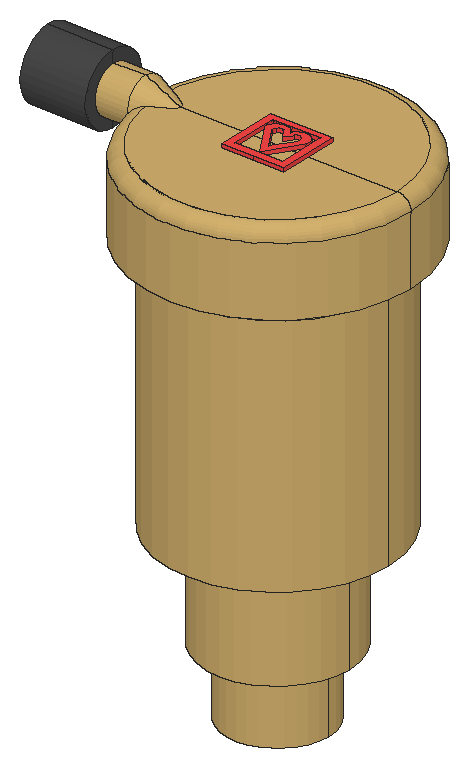
Revit family "Be- u. Entlüfter inkl. RV 2630 00 (01)", category Rohrzubehör, Revit 2021
Family settings
  Bemaßung runder Anschluss = Durchmesser verwenden
  Teiletyp = Normal
  OmniClass-Nummer = 23.65.55.14
  OmniClass-Titel = Valves for Liquid Services
  Arbeitsebenenbasiert = Nein
  Immer vertikal = Ja
  Beim Laden mit Abzugskörper schneiden = Nein
  Gemeinsam genutzt = Nein
Parameters
  Vorgabe-Ansicht = 0.000 mm
  URL = "www.herz-armaturen.at"
  Schwimmer = "Polypropylen"  # constant formula
  SW = 10.500 mm  # constant formula
  SCRNSEQ = "AWI;AWI_TYP=\"1013\";1"
  SCRNCODE = "05;14;01"  # constant formula
  S05 = 25.300 mm  # constant formula
  S04 = SW * 2  # 21.000 mm
  S03 = 11.000 mm  # constant formula
  S02 = 24.500 mm  # constant formula
  S01 = 59.000 mm  # constant formula
  Rückflussverhinderer = "Messing CW617N, EN 12165"  # constant formula
  R01 = 2.000 mm  # constant formula
  Nennweite AG [instance] = 15.000 mm
  Min.Betriebstemperatur = 0 °C  # constant formula
  Medium = "Heizungswasser nach ÖNORM H5195 oder VDI- Richtlinie 2035. Die Verwendung von Ethylen- oder Propyleneglykol in einem Mischungsverhältnis von 25 - 50% ist zulässig. EPDM-Dichtungen können durch Mineralöle und Schmiermittel beeinflusst werden, was zum Versagen der EPDM-Dichtungen führen kann. Bitte beachten Sie die Dokumentation des Herstellers, wenn Ethylenglykol-Produkte für den Frost- und Korrosionsschutz verwendet werden."
  Max.Strukturdruck = 1200000.0 Pa  # constant formula
  Max.Betriebstemperatur = 110 °C  # constant formula
  Max.Betriebsdruck = 800000.0 Pa  # constant formula
  L04 = L00 - L01  # 24.000 mm
  L03 = 13.500 mm  # constant formula
  L02 = 4.800 mm  # constant formula
  L01 = 9.500 mm  # constant formula
  L00 = 33.500 mm  # constant formula
  Hersteller = "Herz-Armaturen GmbH"  # constant formula
  H08 = 13.200 mm  # constant formula
  H06 = 25.300 mm  # constant formula
  H07 = 9.800 mm  # constant formula
  H05 = H00 - 1.000 mm  # 58.000 mm
  H04 = H03 - D03  # 57.900 mm
  H03 = 63.000 mm  # constant formula
  H02 = 9.500 mm  # constant formula
  H01 = 12.000 mm  # constant formula
  H00 = 59.000 mm  # constant formula
  Gehäuse = "geschmiedetes Messing nach EN 12165, CW617N"  # constant formula
  G1 [instance] = Nennweite AG / 2  # 7.500 mm
  G = 5.000 mm  # constant formula
  Dichtung = "NBR"  # constant formula
  Deckel = "geschmiedetes Messing nach EN 12165, CW617N"  # constant formula
  D07 = 11.500 mm  # constant formula
  D06 = 4.000 mm  # constant formula
  D05 = 0.800 mm  # constant formula
  D04 = 3.400 mm  # constant formula
  D03 = 5.100 mm  # constant formula
  D02 = 19.500 mm  # constant formula
  D01 = 16.200 mm  # constant formula
  Bestellnummer [instance] = if(Nennweite AG = 10.000 mm, 1263000, if(Nennweite AG = 15.000 mm, 1263001, 0))  # 1263001
  Aussengewindeanschluss = "nach ISO 228"  # constant formula
  Anwendungsgebiet = "Der automatische Schnellentlüfter wird in Heizungs- und Kühlungssysteme zur Entlüftung der Anlage verwendet. Das Ventil sollte in der Nähe des Boilers oder am höchsten Punkt der Anlage installiert werden, um eine garantierte Entlüftung der Anlage an die Umgebung zu gewährleisten."
  Abdeckkappe = "Polypropylen, Schwarz"  # constant formula
Reference planes
  plane 1 "Mitte (Vorne/hinten)": y = 0
  plane 2: z = 0
  plane 3 "Mitte (Links/rechts)": x = 0
Forms (mm)
  Revolve 1, solid, material "Messing", detail levels fine
    sketch origin (0, 0, 0) x (1, 0, 0) y (0, 0, 1)
      loop
        line (0, 0) -> (0, 59) -> (-17.5, 59)
        arc (-17.5, 59) -> (-18.914, 58.414) -> (-19.5, 57) r 2
        line (-19.5, 57) -> (-19.5, 47) -> (-18.2, 47)
        arc (-18.2, 47) -> (-16.786, 46.414) -> (-16.2, 45) r 2
        line (-16.2, 45) -> (-16.2, 9.5) -> (-5, 9.5) -> (-5, 0) -> (0, 0)
      axis (0, 59) -> (0, 0)
    angle from 0 to 360
  Revolve 2, solid, material "Kunststoff - schwarz", detail levels fine
    sketch origin (0, 0, 0) x (1, 0, 0) y (0, 0, 1)
      loop
        line (-33.5, 57.9) -> (-24, 57.9) -> (-24, 63) -> (-33.5, 63) -> (-33.5, 57.9)
      axis (-33.5, 57.9) -> (-24, 57.9)
    angle from 0 to 360
  Revolve 3, solid, material "Messing", detail levels fine
    sketch origin (0, 0, 0) x (1, 0, 0) y (0, 0, 1)
      loop
        line (-24, 57.9) -> (0, 57.9) -> (0, 58.7) -> (-13.5, 58.7) -> (-19.2, 61.3) -> (-24, 61.3) -> (-24, 57.9)
      axis (-24, 57.9) -> (0, 57.9)
    angle from 0 to 360
  Revolve 4, solid, material "Messing", detail levels fine
    sketch origin (0, 0, 0) x (1, 0, 0) y (0, 0, 1)
      loop
        line (-5, 9.5) -> (-11.5, 9.5) -> (-11.5, 7.2) -> (-10.5, 7.2) -> (-10.5, -6) -> (-7.5, -6) -> (-7.5, -15.8) -> (0, -15.8) -> (0, 0) -> (-5, 0) -> (-5, 9.5)
      axis (0, 9.5) -> (0, -15.8)
    angle from 0 to 360
Lines and regions (mm)
  model lines, detail levels coarse+medium
    curve 1: line (0, 0, 59) -> (11.455, 0, 47.545)
    curve 2: circle (0, 0, 34.5) r 11 normal (0, -1, 0)
    curve 3: line (-11.455, 0, 21.455) -> (0, 0, 10)
    curve 4: line (0, 0, 10) -> (11.455, 0, 21.455)
    curve 5: line (0, 0, 59) -> (0, 0, 45.5)
    curve 6: line (0, 0, 23.5) -> (0, 0, 9.5)
    curve 7: line (0, 0, 59) -> (-11.455, 0, 47.545)
    curve 8: line (-11.5, 0, 9.5) -> (9.5, 0, 9.5)
    curve 9: line (9.5, 0, 9.5) -> (-10.5, 0, -15.8)
    curve 10: line (-10.5, 0, -15.8) -> (10.5, 0, -15.8)
    curve 11: circle (-10.5, 0, -15.8) r 5 normal (0, -1, 0)
    curve 12: line (0, 0, 59) -> (0, -11.455, 47.545)
    curve 13: line (0, 0, 59) -> (0, 11.455, 47.545)
    curve 14: circle (0, 0, 34.5) r 11 normal (1, 0, 0)
    curve 15: line (0, 0, 10) -> (0, -11.455, 21.455)
    curve 16: line (0, 0, 10) -> (0, 11.455, 21.455)
    curve 18: line (0, -11.5, 9.5) -> (0, 9.5, 9.5)
    curve 19: line (0, 9.5, 9.5) -> (0, -10.5, -15.8)
    curve 20: line (0, -10.5, -15.8) -> (0, 10.5, -15.8)
    curve 21: circle (0, -10.5, -15.8) r 5 normal (1, 0, 0)
    curve 22: line (-9.5, 0, 0) -> (11.5, 0, 0)
    curve 23: line (-9.5, 0, 0) -> (9.5, 25.3, 0)
    curve 24: line (9.5, 25.3, 0) -> (-11.5, 25.3, 0)
    curve 25: circle (-9.5, 0, 0) r 5 normal (0, 0, 1)
    curve 26: line (0, 84.3, 0) -> (-11.455, 72.845, 0)
    curve 27: line (0, 84.3, 0) -> (11.455, 72.845, 0)
    curve 28: circle (0, 59.8, 0) r 11 normal (0, 0, 1)
    curve 29: line (0, 35.3, 0) -> (-11.455, 46.755, 0)
    curve 30: line (0, 35.3, 0) -> (11.455, 46.755, 0)
    curve 31: line (0, 84.3, 0) -> (0, 70.8, 0)
    curve 32: line (0, 48.8, 0) -> (0, 25.3, 0)
  model lines
    curve 17: line (0, 10.954, 33.496) -> (0, 10.954, 0)
Dimensions and locks
  "G": Revolve 1 sketch curve to Revolve 1 sketch curve
  "H00": Revolve 1 sketch curve to Revolve 1 sketch curve
  "D01": Revolve 1 sketch curve to Revolve 1 sketch curve
  "D02": Revolve 1 sketch curve to Revolve 1 sketch curve
  "H02": Revolve 1 sketch curve to Revolve 1 sketch curve
  "H01": Revolve 1 sketch curve to Revolve 1 sketch curve
  "D03": Revolve 2 sketch curve to Revolve 2 sketch curve
  "L01": Revolve 2 sketch curve to Revolve 2 sketch curve
  "L00": Revolve 2 sketch curve to plane 3 "Mitte (Links/rechts)"
  "D04": Revolve 3 sketch curve to Revolve 3 sketch curve
  "L02": Revolve 3 sketch curve to Revolve 3 sketch curve
  "L03": Revolve 3 sketch curve to plane 3 "Mitte (Links/rechts)"
  "L04": Revolve 3 sketch curve to plane 3 "Mitte (Links/rechts)"
  "D05": Revolve 3 sketch curve to Revolve 3 sketch curve
  "H03": Revolve 2 sketch curve to plane 2
  "H04": Revolve 3 sketch curve to plane 2
  "H05": nested 1 to plane 2
  "H06": Revolve 4 sketch curve to Revolve 4 sketch curve
  "G1": Revolve 4 sketch curve to Revolve 4 sketch curve
  "H02": Revolve 4 sketch curve to Revolve 4 sketch curve
  "G": Revolve 4 sketch curve to Revolve 4 sketch curve
  "D07": Revolve 4 sketch curve to Revolve 4 sketch curve
  "SW": Revolve 4 sketch curve to Revolve 4 sketch curve
  "H08": Revolve 4 sketch curve to Revolve 4 sketch curve
  "S01": curve 5 to plane 2
  "S02": curve 5 to curve 2 to curve 4
  "D01": curve 7 to curve 7
  "D01": curve 1 to curve 1
  "D01": curve 3 to curve 3
  "D01": curve 4 to curve 4
  "S04": curve 8 to curve 9
  "S05": curve 8 to curve 10
  "S04": curve 10 to curve 9
  "S01": curve 13 to plane 2
  "S02": curve 13 to curve 14 to curve 16
  "D01": curve 12 to curve 12
  "D01": curve 13 to curve 13
  "D01": curve 15 to curve 15
  "D01": curve 16 to curve 16
  "S04": curve 18 to curve 19
  "S04": curve 20 to curve 20
  "S05": curve 20 to curve 18
  "S04": curve 24 to curve 24
  "S04": curve 22 to curve 23
  "S05": curve 24 to curve 22
  "S01": curve 31 to curve 32
  "S02": curve 31 to curve 28 to curve 30
  "D01": curve 26 to curve 26
  "D01": curve 27 to curve 27
  "D01": curve 29 to curve 29
  "D01": curve 30 to curve 30
  "H07": Revolve 4 sketch curve to Revolve 4 sketch curve
  equal spacing: curve 10, plane 3 "Mitte (Links/rechts)", curve 10
  equal spacing: curve 20, plane 1 "Mitte (Vorne/hinten)", curve 20
  "R01": radius of Revolve 1 sketch curve  (x2)
  "S03": radius of curve 2
  "S03": radius of curve 14
  "S03": radius of curve 28
  angle curve 5 to curve 1 = 45.00°
  angle curve 7 to curve 5 = 45.00°
  angle curve 6 to curve 3 = 45.00°
  angle curve 4 to curve 6 = 45.00°
  angle curve 12 to plane 1 "Mitte (Vorne/hinten)" = 45.00°
  angle plane 1 "Mitte (Vorne/hinten)" to curve 13 = 45.00°
  angle plane 1 "Mitte (Vorne/hinten)" to curve 15 = 45.00°
  angle curve 16 to plane 1 "Mitte (Vorne/hinten)" = 45.00°
  angle curve 26 to curve 31 = 45.00°
  angle curve 31 to curve 27 = 45.00°
  angle curve 32 to curve 29 = 45.00°
  angle curve 30 to curve 32 = 45.00°
  aligned and locked: level to plane 2
Automatic sketch dimensions
  curve 16 to plane 1 "Mitte (Vorne/hinten)" = 0.000 mm
  curve 13 to plane 1 "Mitte (Vorne/hinten)" = 0.000 mm
  curve 14 to plane 1 "Mitte (Vorne/hinten)" = 0.000 mm
  curve 17 to level = 0.000 mm
  curve 21 to curve 19 = 0.000 mm
  curve 18 to plane 1 "Mitte (Vorne/hinten)" = 9.500 mm
  curve 21 to level = 15.800 mm
  curve 19 to curve 21 = 0.000 mm
  curve 17 to plane 1 "Mitte (Vorne/hinten)" = 10.954 mm
  curve 3 to plane 3 "Mitte (Links/rechts)" = 0.000 mm
  curve 5 to plane 3 "Mitte (Links/rechts)" = 0.000 mm
  curve 6 to plane 3 "Mitte (Links/rechts)" = 0.000 mm
  curve 2 to plane 3 "Mitte (Links/rechts)" = 0.000 mm
  curve 11 to curve 9 = 0.000 mm  (x2)
  plane 3 "Mitte (Links/rechts)" to curve 9 = 9.500 mm
  level to curve 8 = 9.500 mm
  plane 1 "Mitte (Vorne/hinten)" to curve 25 = 0.000 mm
  plane 1 "Mitte (Vorne/hinten)" to curve 22 = 0.000 mm
  curve 31 to plane 3 "Mitte (Links/rechts)" = 0.000 mm
  curve 32 to plane 3 "Mitte (Links/rechts)" = 0.000 mm
  curve 28 to plane 3 "Mitte (Links/rechts)" = 0.000 mm
  curve 29 to plane 3 "Mitte (Links/rechts)" = 0.000 mm
  curve 25 to plane 3 "Mitte (Links/rechts)" = 9.500 mm
  curve 22 to curve 25 = 0.000 mm
  plane 3 "Mitte (Links/rechts)" to curve 24 = 9.500 mm
  Revolve 1 sketch curve to level = 0.000 mm
  Revolve 1 sketch curve to plane 3 "Mitte (Links/rechts)" = 0.000 mm  (x2)
  Revolve 1 sketch curve to level = 2000.000 mm
  Revolve 1 sketch curve to Revolve 1 sketch curve = 1937.000 mm
  Revolve 2 sketch curve to Revolve 2 sketch curve = 0.000 mm  (x3)
  Revolve 3 sketch curve to plane 3 "Mitte (Links/rechts)" = 0.000 mm
  Revolve 3 sketch curve to Revolve 3 sketch curve = 0.212 mm
  Revolve 3 sketch curve to plane 3 "Mitte (Links/rechts)" = 0.539 mm
  Revolve 3 sketch curve to Revolve 3 sketch curve = 0.000 mm
  Revolve 4 sketch curve to level = 0.000 mm
  Revolve 4 sketch curve to plane 3 "Mitte (Links/rechts)" = 0.000 mm  (x2)
  Revolve 4 sketch curve to Revolve 4 sketch curve = 346.545 mm
  Revolve 4 sketch curve to Revolve 4 sketch curve = 2204.815 mm
  radius of curve 21 = 5.000 mm
  radius of curve 11 = 5.000 mm
  radius of curve 25 = 5.000 mm
Nested families
  nested 1: "Herz-Logo" at (0, 0, 58), type "Herz-Logo", detail levels fine
Connectors
  piping at (0, 0, -15.8), diameter 15, driven by "Nennweite AG"
    settings: on Revolve 4, index 1, connector inside diameter 609.6 mm, connector length 0.000 mm, flow factor 0, pipe flow 0.0 L/s, pressure drop 0.0 Pa, fitting loss kfactor 0, connector angle 0.00°, fixture units 0, engagement length 0.000 mm, angle of deflection 0.00°, flow configuration 0, flow direction 0, fitting loss method 0, system type 7, joint type 0, gender type 0, connector reference index -1, connector utility 0, adjustable connector no, is connector primary yes, connector description ""
Definition of nested family "Herz-Logo"
  Parameters (values of type "Herz-Logo")
    Default Elevation = 0.000 mm
  Reference planes
    plane 1 "Mitte (Vorne/hinten)": y = 0
    plane 2: z = 0
    plane 3 "Mitte (Links/rechts)": x = 0
  Forms (mm)
    Extrusion 1, solid
      sketch origin (0, 0, 0) x (1, 0, 0) y (0, 1, 0)
        loop
          line (-0.018, -4.517) -> (4.482, -4.517) -> (4.482, 4.483) -> (-4.518, 4.483) -> (-4.518, -4.517) -> (-0.018, -4.517)
        loop
          line (-0.05, -3.48) -> (3.482, -3.48) -> (3.482, 3.483) -> (-3.518, 3.483) -> (-3.518, -3.48) -> (-0.05, -3.48)
        loop
          arc (-0.018, 2.383) -> (-1.543, 3.287) -> (-3.067, 2.383) r 1.738
          arc (-3.067, 2.383) -> (-3.191, 1.899) -> (-3.067, 1.415) r 1.009
          line (-3.067, 1.415) -> (-0.018, -3.281) -> (3.032, 1.415)
          arc (3.032, 1.415) -> (3.156, 1.899) -> (3.032, 2.383) r 1.009
          arc (3.032, 2.383) -> (1.507, 3.287) -> (-0.018, 2.383) r 1.738
        loop
          arc (1.885, 1.272) -> (2.005, 1.675) -> (1.885, 2.079) r 0.74
          arc (1.885, 2.079) -> (1.265, 2.416) -> (0.644, 2.079) r 0.74
          line (0.644, 2.079) -> (-0.018, 0.97) -> (-0.679, 2.079)
          arc (-0.679, 2.079) -> (-1.3, 2.416) -> (-1.921, 2.079) r 0.74
          arc (-1.921, 2.079) -> (-2.04, 1.675) -> (-1.921, 1.272) r 0.74
          line (-1.921, 1.272) -> (-0.018, -1.658) -> (1.885, 1.272)
      from 0 to 1.5
  Dimensions and locks
    aligned and locked: level to plane 2
